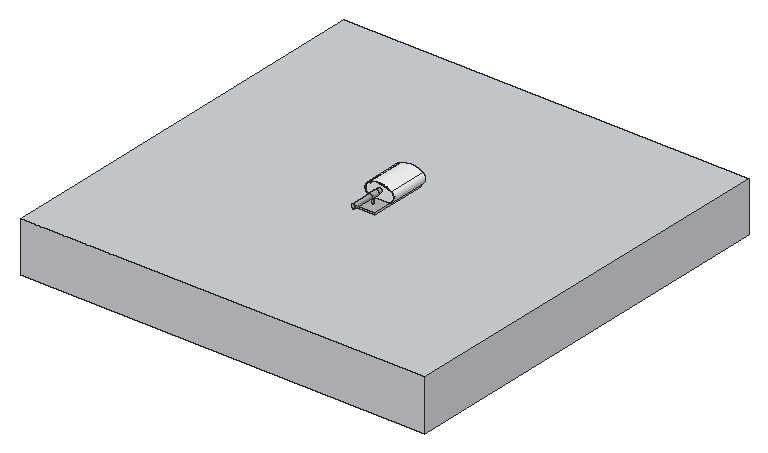
Revit family
Parameters (values of type "277 V")
  Width = 0' - 7"
  Web Link to IES = "http://www.oxygenlighting.com/index.cfm?event=general.downloadFile&theFile=2-597-xx.ies"
  Wattage = 3.89116 W
  built-in parameter 1150110 = 1 (stored number, unit not read)
  Voltage = 277 V
  URL = "http://www.oxygenlighting.com/"
  built-in parameter 1114217 = 1 (stored number, unit not read)
  Tilt Angle = -90.00°
  built-in parameter 1150109 = 1 (stored number, unit not read)
  built-in parameter 1150134 = (empty or 0)
  built-in parameter 1150113 = 1 (stored number, unit not read)
  Product Documentation Link = "http://www.oxygenlighting.com/ftp/cutsheets/2-597-xx.pdf"
  Power Factor = 0.99
  Photometric Web File = "2-597 series.IES"
  Number of Poles = 1
  built-in parameter 1150142 = "IESNA:LM-63-2002\r\n[ISSUEDATE]05/30/06\r\n[TEST]ITL57488\r\n[TESTLAB]INDEPENDENT TESTING LABORATORIES, INC.\r\n[MANUFAC]OXYGEN LIGHTING\r\n[LUMCAT]2-597-24\r\n[LUMINAIRE]FABRICATED SEMI-DIFFUSE METAL MOUNTING PLATE, FORMED\r\n[MORE]WHITE PAINTED METAL SOCKET MOUNTING BRACKET, TRANSLUCENT\r\n[MORE]WHITE PLASTIC DIFFUSER WITH WHITE CLOTH COVERED EXTERIOR,\r\n[MORE]TRANSLUCENT WHITE PLASTIC TOP AND BOTTOM CAPS. BALLAST IS\r\n[MORE]EXPOSED IN THE OPTICAL COMPARTMENT AND CENTERED AT TOP OF\r\n[MORE]MOUNTING PLATE.\r\n[LAMP]ONE 26-WATT DOUBLE TWIN TUBE COMPACT FLUORESCENT, \r\n[MORE]SYLVANIA CF26DD/E/830, VERTICAL BASE-DOWN POSITION.\r\n[BALLAST]ANTRON CSS-UV42PS\r\n[_MOUNTING]WALL\r\n[OTHER]TOTAL INPUT WATTS=  24.2 AT 120.0 VOLTS\r\nTILT=NONE\r\n1 1800 1 73 9 1 1 0.59375 0.3125 0.75\r\n1 1 24.2\r\n0 2.5 5 7.5 10 12.5 15 17.5 20 22.5 25 27.5 30 32.5 35 37.5 40 42.5 45 47.5 50\r\n 52.5 55 57.5 60 62.5 65 67.5 70 72.5 75 77.5 80 82.5 85 87.5 90 92.5 95 97.5\r\n 100 102.5 105 107.5 110 112.5 115 117.5 120 122.5 125 127.5 130 132.5 135\r\n 137.5 140 142.5 145 147.5 150 152.5 155 157.5 160 162.5 165 167.5 170 172.5\r\n 175 177.5 180\r\n0 22.5 45 67.5 90 112.5 135 157.5 180\r\n21 25 27 29 32 34 37 40 43 46 49 52 56 59 63 66 68 72 74 77 80 83 85 87 89 91\r\n 93 94 95 96 97 97 97 97 97 97 97 97 97 97 97 97 97 96 95 95 94 92 91 89 87 84\r\n 82 80 77 74 72 69 66 63 60 58 55 52 50 48 45 43 40 37 35 33 32\r\n21 24 27 29 31 33 35 37 40 43 46 48 51 55 58 61 63 66 69 71 74 76 78 81 83 84\r\n 86 87 88 89 90 90 91 91 91 90 90 90 91 91 91 91 90 90 89 89 88 86 85 83 81 79\r\n 77 75 73 70 68 65 63 60 57 55 53 50 49 46 44 42 39 37 35 33 32\r\n21 24 26 28 29 31 32 34 36 37 40 42 44 46 49 51 53 55 57 59 61 62 64 66 67 69\r\n 70 71 72 72 73 73 73 73 73 72 73 73 74 74 74 74 74 74 74 74 73 72 71 70 69 68\r\n 66 65 63 62 60 58 56 54 52 51 49 47 46 44 42 40 38 37 35 33 32\r\n21 23 24 25 26 27 28 28 29 30 31 33 34 36 37 39 40 41 43 44 45 46 47 49 49 50\r\n 51 52 53 53 53 53 53 53 53 53 53 54 54 54 55 55 55 56 56 56 56 56 55 55 54 54\r\n 53 52 52 51 50 49 48 47 46 45 44 42 41 40 39 37 36 35 34 32 32\r\n21 22 23 23 24 24 24 25 25 26 26 27 28 29 30 31 31 32 33 34 34 35 36 37 38 38\r\n 39 39 39 39 39 39 39 39 39 38 38 39 40 40 41 41 42 43 43 44 44 45 45 45 45 45\r\n 45 45 45 45 44 44 44 43 43 42 41 40 40 39 38 37 36 35 34 33 32\r\n21 21 21 22 22 21 21 21 22 22 24 24 24 24 25 24 25 25 25 26 26 27 28 28 29 29\r\n 30 30 30 30 30 30 30 30 30 30 30 31 32 33 33 34 35 36 36 37 38 38 39 39 40 40\r\n 40 40 41 41 41 41 41 41 40 40 39 39 38 38 37 37 36 35 34 32 32\r\n21 20 20 20 20 19 19 19 19 20 20 19 19 19 19 19 19 20 20 21 21 21 23 23 24 24\r\n 24 25 25 25 25 25 25 25 24 24 25 26 28 28 29 30 30 31 32 33 34 34 35 36 36 37\r\n 37 37 38 38 39 39 39 39 39 39 39 38 38 38 37 37 36 36 35 34 32\r\n21 20 19 19 19 19 19 18 18 18 18 17 17 17 16 16 16 17 17 18 18 18 19 19 20 20\r\n 20 20 20 20 20 21 21 20 20 20 21 22 24 24 25 26 27 27 29 30 31 31 32 33 34 35\r\n 35 36 37 37 37 38 38 38 38 38 38 38 38 38 37 37 36 35 35 32 32\r\n21 19 19 19 19 19 18 18 18 18 17 17 16 16 15 16 16 16 17 17 18 18 19 19 20 20\r\n 20 21 21 21 21 21 22 21 21 21 22 23 25 26 26 27 28 29 30 31 31 32 33 34 35 35\r\n 36 36 37 38 38 38 39 39 39 39 39 39 39 38 38 37 37 36 35 34 32\r\n\u001a"
  Model = "2-597-xx"
  Manufacturer = "Oxygen Lighting"
  built-in parameter 1150105 = 45.996 (stored number, unit not read)
  Lumens = 578 lm
  built-in parameter 1150115 = 1 (stored number, unit not read)
  built-in parameter 1150137 = (empty or 0)
  built-in parameter 1150139 = (empty or 0)
  Length = 0' - 4"
  built-in parameter 1150112 = 1 (stored number, unit not read)
  built-in parameter 1150114 = 1 (stored number, unit not read)
  Lamp = "1 x CFQ26W/G24Q-3"
  Junction Box = "4\" Octogonal"
  built-in parameter 1150132 = 2
  built-in parameter 1150102 = (empty or 0)
  built-in parameter 1150107 = 3000 (stored number, unit not read)
  built-in parameter 1150138 = (empty or 0)
  built-in parameter 1150106 = 0.45996 (stored number, unit not read)
  Height = 1' - 4 225/256"
  Emit from Rectangle Width = 0' - 5"
  Emit from Rectangle Length = 0' - 9"
  Emit Shape Visible in Rendering = no
  built-in parameter 1150104 = 13.8 (stored number, unit not read)
  Dimming Lamp Color Temperature Shift = (empty or 0)
  Diffuser Material = Fabric-Oxygen_Lighting-1-White_Cotton
  Description = "Fabric sconce with oval shade and clear resin accent - compact fluorescent lamping and toolless access"
  Default Elevation = 4' - 0"
  Color Filter = 16777215
  Ballust Manufacturer = "Antron"
  built-in parameter 1114218 = 1 (stored number, unit not read)
  built-in parameter 1150133 = 10 (stored number, unit not read)
  Assembly Code = "D5020210"
  Apparent Load = 24.2 VA
  ADA Compliant = yes
Types (2): name | Voltage | Diffuser Material | Description
  120 V | 120 V | Glass-Oxygen_Lighting-1-Opal_White | "By client"
  277 V | 277 V | Fabric-Oxygen_Lighting-1-White_Cotton | "Fabric sconce with oval shade and clear resin accent - compact fluorescent lamping and toolless access"
Reference planes (in)
  plane 1 "Center (Front/Back)": y = 0
  plane 2: z = 0
  plane 3 "Center (Left/Right)": x = 0
  plane 4: y = 7.71871
  plane 5: y = -5.86648
  plane 6: y = -9.11648
  plane 7: y = -4.24148
  plane 8: y = -2.49148
  plane 9: y = -1.36648
  plane 10: y = -1.24148
  plane 11: y = 7.59371
  plane 12: x = -3.5
  plane 13: x = -2.37689
  plane 14: x = -0.5
  plane 15: x = 0.5
  plane 16: x = 2.49811
  plane 17: x = 3.5
  plane 18: x = -0.625
  plane 19: x = 0.625
  plane 20: z = 0.4986
  plane 21: x = -2.02982
  plane 22: x = 2.16207
  plane 23: z = 2.375
  plane 24: z = 1.875
  plane 25: z = 1.75
  plane 26: z = 2.875
  plane 27: z = 2.97996
  plane 28: y = -3.24148
  plane 29: y = -3.49148
  plane 30: z = 3.96727
Forms (in)
  Extrusion 1, solid
    sketch origin (0, 0, 0) x (1, 0, 0) y (0, 1, 0)
      loop
        line (-48, 48) -> (-48, -48) -> (48, -48) -> (48, 48) -> (-48, 48)
    from 0 to -12
  Extrusion 2, solid, material "Metal-Oxygen_Lighting-24-Satin_Nickel", detail levels medium+fine
    sketch origin (0, 0, 0) x (1, 0, 0) y (0, 1, 0)
      loop
        line (-2.37689, -5.86648) -> (2.49811, -5.86648) -> (2.49811, 7.71871) -> (-2.37689, 7.71871) -> (-2.37689, -5.86648)
    from 0 to 0.5
  Extrusion 3, solid, material "Fabric-Oxygen_Lighting-1-White_Cotton" <- "Diffuser Material", detail levels medium+fine
    sketch origin (0, 0, 0) x (1, 0, 0) y (0, 0, 1)
      loop
        arc (-2.9001, 3.08153) -> (-3.42596, 1.4575) -> (-2.02982, 0.47525) r 1.43808
        line (-2.02982, 0.47525) -> (-2.02982, 0.60029)
        arc (-2.02982, 0.60029) -> (-3.30667, 1.49491) -> (-2.82871, 2.9789) r 1.31308
        arc (-2.82871, 2.9789) -> (0, 3.84227) -> (2.82871, 2.9789) r 5.06562
        arc (2.82871, 2.9789) -> (3.32615, 1.55814) -> (2.16207, 0.60372) r 1.31308
        line (2.16207, 0.60372) -> (2.16207, 0.47839)
        arc (2.16207, 0.47839) -> (3.44547, 1.52071) -> (2.9001, 3.08153) r 1.43808
        arc (2.9001, 3.08153) -> (0, 3.96727) -> (-2.9001, 3.08153) r 5.19062
    from -7.75852 to 1.36648
  Revolve 4, solid, material "Metal-Oxygen_Lighting-24-Satin_Nickel", detail levels medium+fine
    sketch origin (0, 0, 0) x (0, 1, 0) y (0, 0, 1)
      loop
        line (-9.11648, 1.875) -> (-4.24148, 1.875) -> (-4.24148, 1.75) -> (-2.49148, 1.75) -> (-2.49148, 1.875) -> (-1.36648, 1.875) -> (-1.36648, 2.375) -> (-9.11648, 2.375) -> (-9.11648, 1.875)
      axis (-1.36648, 2.375) -> (-9.11648, 2.375)
    angle from 0 to 360
  Extrusion 5, solid, material "Metal-Oxygen_Lighting-24-Satin_Nickel", detail levels medium+fine
    sketch origin (0, 0, 0) x (1, 0, 0) y (0, 1, 0)
      loop
        circle (0, -3.36648) r 0.125
    from 0.4986 to 1.75
  Extrusion 6, solid, material "Fabric-Oxygen_Lighting-1-White_Cotton" <- "Diffuser Material", detail levels medium+fine
    sketch origin (0, 0, 0) x (1, 0, 0) y (0, 0, 1)
      loop
        arc (2.82871, 2.9789) -> (0, 3.84227) -> (-2.82871, 2.9789) r 5.06562
        arc (-2.82871, 2.9789) -> (-3.30667, 1.49491) -> (-2.02982, 0.60029) r 1.31308
        line (-2.02982, 0.60029) -> (-2.02982, 0.4986) -> (2.16207, 0.4986) -> (2.16207, 0.60372)
        arc (2.16207, 0.60372) -> (3.32615, 1.55814) -> (2.82871, 2.9789) r 1.31308
    from 1.24148 to 1.36648
  Extrusion 7, solid, material "Fabric-Oxygen_Lighting-1-White_Cotton" <- "Diffuser Material", detail levels medium+fine
    sketch origin (0, 0, 0) x (1, 0, 0) y (0, 0, 1)
      loop
        arc (2.82871, 2.9789) -> (0, 3.84227) -> (-2.82871, 2.9789) r 5.06562
        arc (-2.82871, 2.9789) -> (-3.30667, 1.49491) -> (-2.02982, 0.60029) r 1.31308
        line (-2.02982, 0.60029) -> (-2.02982, 0.4986) -> (2.16207, 0.4986) -> (2.16207, 0.60372)
        arc (2.16207, 0.60372) -> (3.32615, 1.55814) -> (2.82871, 2.9789) r 1.31308
    from -7.71871 to -7.59371
  Extrusion 8, solid, material "Metal-Oxygen_Lighting-24-Satin_Nickel", detail levels coarse
    sketch origin (0, 0, 0) x (1, 0, 0) y (0, 1, 0)
      loop
        line (-3.5, -9.11648) -> (3.5, -9.11648) -> (3.5, 7.75852) -> (-3.5, 7.75852) -> (-3.5, -9.11648)
    from 0 to 3.96727
Lines and regions (in)
  Masking region 1
    outline origin (0, 0, 0) x (1, 0, 0) y (0, 0, 1)
      loop
        arc (-2.9001, 3.08153) -> (-3.47113, 1.62627) -> (-2.37689, 0.50981) r 1.43808
        line (-2.37689, 0.50981) -> (-2.37689, 0) -> (2.49811, 0) -> (2.49811, 0.54264)
        arc (2.49811, 0.54264) -> (3.48231, 1.68808) -> (2.9001, 3.08153) r 1.43808
        arc (2.9001, 3.08153) -> (0, 3.96727) -> (-2.9001, 3.08153) r 5.19062
  Masking region 2
    outline origin (0, 0, 0) x (1, 0, 0) y (0, 1, 0)
      loop
        line (-3.5, 7.71871) -> (-3.5, -1.36648) -> (-2.37689, -1.36648) -> (-2.37689, -5.86648) -> (-0.5, -5.86648) -> (-0.5, -9.11648) -> (0.5, -9.11648) -> (0.5, -5.86648) -> (2.49811, -5.86648) -> (2.49811, -1.36648) -> (3.5, -1.36648) -> (3.5, 7.71871) -> (-3.5, 7.71871)
  Masking region 3
    outline origin (0, 0, 0) x (0, 1, 0) y (0, 0, 1)
      loop
        line (7.71871, 0) -> (7.71871, 3.96727) -> (-1.36648, 3.96727) -> (-1.36648, 2.875) -> (-2.49148, 2.875) -> (-2.49148, 2.97996) -> (-4.24148, 2.97996) -> (-4.24148, 2.875) -> (-9.11648, 2.875) -> (-9.11648, 1.75) -> (-3.49148, 1.75) -> (-3.49148, 0.4986) -> (-5.86648, 0.4986) -> (-5.86648, 0) -> (7.71871, 0)
  reference lines
    curve 1: arc (-2.02677, 0, 0.47533) -> (-3.42548, 0, 1.45605) -> (-2.9001, 0, 3.08153) r 1.43808
    curve 2: arc (-3.71258, 0, 2.40422) -> (-0.06011, 0, 3.96692) -> (3.62757, 0, 2.48923) r 5.19062
    curve 3: arc (2.9001, 0, 3.08153) -> (3.44677, 0, 1.52532) -> (2.1716, 0, 0.47908) r 1.43808
    curve 4: arc (-2.82871, 0, 2.9789) -> (-3.30667, 0, 1.49491) -> (-2.02982, 0, 0.60029) r 1.31308
    curve 5: arc (3.54021, 0, 2.39983) -> (-0.05866, 0, 3.84193) -> (-3.62317, 0, 2.31686) r 5.06562
    curve 6: arc (2.16207, 0, 0.60372) -> (3.32639, 0, 1.55901) -> (2.82724, 0, 2.97996) r 1.31308
    curve 7: circle (0, -3.36648, 0) r 0.125 normal (0, 0, 1)
  symbolic lines
    curve 8: line (2.49811, 0, 0.4986) -> (-2.37689, 0, 0.4986)
    curve 9: line (-0.625, -2.49148, 0) -> (0.625, -2.49148, 0)
    curve 10: line (-0.625, -4.24148, 0) -> (0.625, -4.24148, 0)
    curve 11: line (0.625, -4.24148, 0) -> (0.625, -2.49148, 0)
    curve 12: line (-0.625, -4.24148, 0) -> (-0.625, -2.49148, 0)
    curve 13: line (0.5, -9.11648, 0) -> (0.5, -4.24148, 0)
    curve 14: line (-0.5, -9.11648, 0) -> (-0.5, -4.24148, 0)
    curve 15: line (-0.5, -9.11648, 0) -> (0.5, -9.11648, 0)
    curve 16: line (-0.5, -2.49148, 0) -> (-0.5, -1.36648, 0)
    curve 17: line (0.5, -2.49148, 0) -> (0.5, -1.36648, 0)
    curve 18: line (-3.5, -1.36648, 0) -> (3.5, -1.36648, 0)
    curve 19: line (0, -2.49148, 1.75) -> (0, -4.24148, 1.75)
    curve 20: line (0, -2.49148, 1.75) -> (0, -2.49148, 2.97996)
    curve 21: line (0, -2.49148, 1.875) -> (0, -1.36648, 1.875)
    curve 22: line (0, -4.24148, 2.875) -> (0, -4.24148, 1.75)
    curve 23: line (0, -3.24148, 0.5) -> (0, -3.24148, 1.75)
    curve 24: line (0, -1.36648, 0.5) -> (0, -3.24148, 0.5)
    curve 25: line (0, -1.36648, 0.5) -> (0, -1.36648, 3.96727)
    curve 26: line (0, -1.36648, 0.4986) -> (0, 7.71871, 0.4986)
Dimensions and locks (in)
  plane 12 to plane 3 "Center (Left/Right)" to plane 17 = 0' - 3 1/2", 0' - 3 1/2"
  plane 12 to plane 17 = 0' - 7"
  locked: plane 20 to plane 2 at 0.4986
  locked: plane 30 to plane 2 at 3.96727
  plane 27 to plane 26 to plane 23 to plane 24 to plane 25 to plane 2 = 0' - 0.10496" locked, 0' - 0 1/2" locked, 0' - 0 1/2" locked, 0' - 0 1/8" locked, 0' - 1 3/4" locked
  aligned and locked: plane 2 to Extrusion 1
  aligned and locked: level to Extrusion 1
  aligned: plane 3 "Center (Left/Right)" to imposter light
  aligned: plane 1 "Center (Front/Back)" to imposter light
  aligned and locked: plane 1 "Center (Front/Back)" to imposter light
  aligned and locked: plane 3 "Center (Left/Right)" to imposter light
  aligned and locked: plane 13 to Extrusion 2 sketch curve
  aligned and locked: Extrusion 2 sketch curve to plane 5
  aligned and locked: plane 4 to Extrusion 2 sketch curve
  aligned and locked: Extrusion 2 sketch curve to plane 16
  aligned and locked: Extrusion 2 to level
  aligned and locked: Extrusion 3 sketch curve to curve 2
  aligned and locked: Extrusion 3 sketch curve to curve 5
  aligned and locked: Extrusion 3 sketch curve to curve 1
  aligned and locked: Extrusion 3 sketch curve to curve 4
  aligned and locked: Extrusion 3 sketch curve to curve 6
  aligned and locked: Extrusion 3 sketch curve to curve 3
  aligned and locked: Extrusion 3 sketch curve to plane 22
  aligned and locked: Extrusion 3 sketch curve to plane 21
  aligned and locked: plane 6 to Revolve 4 sketch curve
  aligned and locked: plane 24 to Revolve 4 sketch curve
  aligned and locked: plane 7 to Revolve 4 sketch curve
  aligned and locked: plane 8 to Revolve 4 sketch curve
  aligned and locked: plane 23 to Revolve 4 sketch curve
  aligned and locked: plane 9 to Revolve 4 sketch curve
  aligned and locked: plane 25 to Revolve 4 sketch curve
  aligned and locked: Revolve 4 sketch curve to plane 23
  aligned and locked: Extrusion 5 sketch curve to curve 7
  aligned and locked: plane 20 to Extrusion 5
  aligned and locked: Extrusion 6 sketch curve to curve 5
  aligned and locked: Extrusion 6 sketch curve to Extrusion 3  (x2)
  aligned and locked: Extrusion 6 sketch curve to plane 22
  aligned and locked: Extrusion 6 sketch curve to plane 21
  aligned and locked: Extrusion 6 sketch curve to plane 20
  aligned and locked: plane 10 to Extrusion 6
  aligned and locked: Extrusion 6 to plane 9
  aligned and locked: Extrusion 7 sketch curve to curve 5
  aligned and locked: Extrusion 7 sketch curve to plane 21
  aligned and locked: Extrusion 7 sketch curve to plane 22
  aligned and locked: Extrusion 7 sketch curve to plane 20
  aligned and locked: Extrusion 7 sketch curve to Extrusion 6  (x2)
  aligned and locked: plane 4 to Extrusion 7
  aligned and locked: Extrusion 7 to plane 11
  aligned and locked: plane 12 to Extrusion 8 sketch curve
  aligned and locked: Extrusion 8 sketch curve to plane 6
  aligned and locked: Extrusion 8 sketch curve to Extrusion 3
  aligned and locked: Extrusion 8 sketch curve to plane 17
  aligned and locked: Extrusion 8 to plane 30
  aligned and locked: Masking region 1 sketch curve to curve 2
  aligned and locked: Masking region 1 sketch curve to curve 3
  aligned and locked: Masking region 1 sketch curve to Extrusion 3
  aligned and locked: Masking region 1 sketch curve to plane 13
  aligned and locked: Masking region 1 sketch curve to plane 16
  aligned and locked: Masking region 1 sketch curve to plane 2
  aligned and locked: curve 8 to plane 20
  aligned and locked: plane 13 to curve 8
  aligned and locked: plane 16 to curve 8
  aligned and locked: Masking region 2 sketch curve to plane 4
  aligned and locked: Masking region 2 sketch curve to plane 12
  aligned and locked: Masking region 2 sketch curve to plane 17
  aligned and locked: Masking region 2 sketch curve to plane 9
  aligned and locked: Masking region 2 sketch curve to plane 16
  aligned and locked: Masking region 2 sketch curve to plane 13
  aligned and locked: Masking region 2 sketch curve to plane 5
  aligned and locked: Masking region 2 sketch curve to plane 14
  aligned and locked: Masking region 2 sketch curve to plane 15
  aligned and locked: Masking region 2 sketch curve to plane 6
  aligned and locked: curve 9 to plane 8
  aligned and locked: curve 10 to plane 7
  aligned and locked: curve 11 to plane 19
  aligned and locked: curve 12 to plane 18
  aligned and locked: curve 13 to plane 15
  aligned and locked: curve 14 to plane 14
  aligned and locked: curve 15 to plane 6
  aligned and locked: curve 18 to plane 9
  aligned and locked: plane 17 to curve 18
  aligned and locked: plane 12 to curve 18
  aligned and locked: plane 4 to Masking region 3 sketch curve
  aligned and locked: plane 20 to Masking region 3 sketch curve
  aligned and locked: plane 5 to Masking region 3 sketch curve
  aligned and locked: plane 29 to Masking region 3 sketch curve
  aligned and locked: plane 25 to Masking region 3 sketch curve
  aligned and locked: plane 6 to Masking region 3 sketch curve
  aligned and locked: plane 26 to Masking region 3 sketch curve  (x2)
  aligned and locked: plane 7 to Masking region 3 sketch curve
  aligned and locked: plane 2 to Masking region 3 sketch curve
  aligned and locked: plane 27 to Masking region 3 sketch curve
  aligned and locked: plane 8 to Masking region 3 sketch curve
  aligned and locked: plane 9 to Masking region 3 sketch curve
  aligned and locked: plane 30 to Masking region 3 sketch curve
  aligned and locked: plane 25 to curve 19
  aligned and locked: plane 8 to curve 20
  aligned and locked: curve 20 to curve 21
  aligned and locked: curve 21 to plane 24
  aligned and locked: curve 22 to Masking region 3
  aligned and locked: curve 22 to Revolve 4
  aligned: Extrusion 5 to curve 23
  aligned and locked: plane 28 to curve 23
  aligned and locked: curve 25 to Extrusion 3
Connectors (in)
  electrical at (0, 0, 0), driven by "Apparent Load", driven by "Voltage", driven by "Power Factor", driven by "Number of Poles"
    settings: on Extrusion 1, index 1
